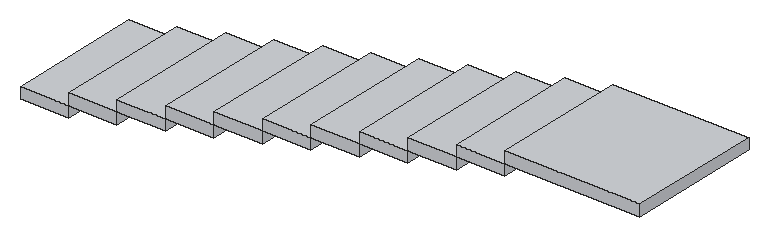
Revit family
Parameters
  profondità_pian = larghezza_scala  # 120 cm
  pedata = 63 cm - (2 * alzata)  # 43 cm
  larghezza_scala = 120 cm
  alzata = 10 cm
Reference planes (cm)
  plane 1 "Center (Front/Back)": y = 0
  plane 2: z = 0
  plane 3 "Center (Left/Right)": x = 0
  plane 4: x = -43
  plane 5: y = 120
  plane 6: z = 10
  plane 7: x = 43
  plane 8: x = 86
  plane 9: x = 129
  plane 10: x = 172
  plane 11: y = 0
  plane 12: x = 215
  plane 13: x = 258
  plane 14: x = 301
  plane 15: x = 344
  plane 16: x = 387
  plane 17: z = 20
  plane 18: z = 30
  plane 19: z = 40
  plane 20: z = 50
  plane 21: z = 60
  plane 22: z = 70
  plane 23: z = 80
  plane 24: z = 0
  plane 25: z = 10
  plane 26: z = 20
  plane 27: z = 30
  plane 28: z = 40
  plane 29: z = 90
  plane 30: z = 100
  plane 31: z = 110
Forms (cm)
  Extrusion 1, solid
    sketch origin (0, 0, 0) x (1, 0, 0) y (0, 1, 0)
      loop
        line (-43, 120) -> (-43, 0) -> (0, 0) -> (0, 120) -> (-43, 120)
    from 0 to 10
  Extrusion 2, solid
    sketch origin (0, 0, 0) x (1, 0, 0) y (0, 1, 0)
      loop
        line (43, 0) -> (43, 120) -> (0, 120) -> (0, 0) -> (43, 0)
    from 10 to 20
  Extrusion 3, solid
    sketch origin (0, 0, 0) x (1, 0, 0) y (0, 1, 0)
      loop
        line (86, 0) -> (86, 120) -> (43, 120) -> (43, 0) -> (86, 0)
    from 20 to 30
  Extrusion 4, solid
    sketch origin (0, 0, 0) x (1, 0, 0) y (0, 1, 0)
      loop
        line (129, 0) -> (129, 120) -> (86, 120) -> (86, 0) -> (129, 0)
    from 30 to 40
  Extrusion 5, solid
    sketch origin (0, 0, 0) x (1, 0, 0) y (0, 1, 0)
      loop
        line (172, 0) -> (172, 120) -> (129, 120) -> (129, 0) -> (172, 0)
    from 40 to 50
  Extrusion 6, solid
    sketch origin (0, 0, 0) x (1, 0, 0) y (0, 1, 0)
      loop
        line (215, 120) -> (172, 120) -> (172, 0) -> (215, 0) -> (215, 120)
    from 50 to 60
  Extrusion 7, solid
    sketch origin (0, 0, 0) x (1, 0, 0) y (0, 1, 0)
      loop
        line (258, 120) -> (215, 120) -> (215, 0) -> (258, 0) -> (258, 120)
    from 60 to 70
  Extrusion 8, solid
    sketch origin (0, 0, 0) x (1, 0, 0) y (0, 1, 0)
      loop
        line (301, 0) -> (301, 120) -> (258, 120) -> (258, 0) -> (301, 0)
    from 70 to 80
  Extrusion 9, solid
    sketch origin (0, 0, 0) x (1, 0, 0) y (0, 1, 0)
      loop
        line (344, 120) -> (301, 120) -> (301, 0) -> (344, 0) -> (344, 120)
    from 80 to 90
  Extrusion 10, solid
    sketch origin (0, 0, 0) x (1, 0, 0) y (0, 1, 0)
      loop
        line (387, 120) -> (344, 120) -> (344, 0) -> (387, 0) -> (387, 120)
    from 90 to 100
  Extrusion 11, solid
    sketch origin (0, 0, 0) x (1, 0, 0) y (0, 1, 0)
      loop
        line (507, 120) -> (387, 120) -> (387, 0) -> (507, 0) -> (507, 120)
    from 100 to 110
Dimensions and locks (cm)
  "pedata": plane 4 to plane 3 "Center (Left/Right)"
  "larghezza_scala": plane 5 to plane 1 "Center (Front/Back)"
  "alzata": level to plane 6
  "alzata": plane 17 to plane 6
  "alzata": plane 18 to plane 17
  "alzata": plane 19 to plane 18
  "alzata": plane 20 to plane 19
  "alzata": plane 21 to plane 20
  "alzata": plane 22 to plane 21
  "alzata": plane 23 to plane 22
  "pedata": plane 3 "Center (Left/Right)" to plane 4
  "pedata": plane 7 to plane 3 "Center (Left/Right)"
  "pedata": plane 8 to plane 7
  "pedata": plane 9 to plane 8
  "pedata": plane 10 to plane 9
  "pedata": plane 12 to plane 10
  "pedata": plane 13 to plane 12
  "pedata": plane 14 to plane 13
  "pedata": plane 15 to plane 14
  "pedata": plane 16 to plane 15
  "alzata": plane 25 to plane 24
  "alzata": plane 26 to plane 25
  "alzata": plane 27 to plane 26
  "alzata": plane 28 to plane 27
  "alzata": plane 29 to plane 23
  "alzata": plane 30 to plane 29
  "alzata": plane 31 to plane 30
  aligned and locked: plane 4 to Extrusion 1 sketch curve
  aligned and locked: Extrusion 1 sketch curve to plane 5
  aligned and locked: plane 1 "Center (Front/Back)" to Extrusion 1 sketch curve
  aligned and locked: Extrusion 1 sketch curve to plane 3 "Center (Left/Right)"
  aligned and locked: Extrusion 1 to plane 6
  aligned and locked: plane 7 to Extrusion 2 sketch curve
  aligned and locked: Extrusion 2 sketch curve to plane 1 "Center (Front/Back)"
  aligned and locked: Extrusion 2 sketch curve to Extrusion 1  (x2)
  aligned and locked: plane 17 to Extrusion 2
  aligned and locked: plane 6 to Extrusion 2
  aligned and locked: plane 8 to Extrusion 3 sketch curve
  aligned and locked: Extrusion 3 sketch curve to plane 1 "Center (Front/Back)"
  aligned and locked: Extrusion 3 sketch curve to Extrusion 2  (x2)
  aligned and locked: plane 9 to Extrusion 4 sketch curve
  aligned and locked: Extrusion 4 sketch curve to plane 1 "Center (Front/Back)"
  aligned and locked: Extrusion 4 sketch curve to Extrusion 3
  aligned and locked: plane 8 to Extrusion 4 sketch curve
  aligned and locked: plane 10 to Extrusion 5 sketch curve
  aligned and locked: Extrusion 5 sketch curve to plane 1 "Center (Front/Back)"
  aligned and locked: Extrusion 5 sketch curve to Extrusion 4  (x2)
  aligned and locked: plane 12 to Extrusion 6 sketch curve
  aligned and locked: plane 5 to Extrusion 6 sketch curve
  aligned and locked: Extrusion 5 to Extrusion 6 sketch curve
  aligned and locked: Extrusion 6 sketch curve to Extrusion 5
  aligned and locked: plane 13 to Extrusion 7 sketch curve
  aligned and locked: plane 5 to Extrusion 7 sketch curve
  aligned and locked: Extrusion 6 to Extrusion 7 sketch curve
  aligned and locked: Extrusion 7 sketch curve to Extrusion 6
  aligned and locked: plane 14 to Extrusion 8 sketch curve
  aligned and locked: plane 11 to Extrusion 8 sketch curve
  aligned and locked: Extrusion 8 sketch curve to Extrusion 7  (x2)
  aligned and locked: plane 15 to Extrusion 9 sketch curve
  aligned and locked: plane 5 to Extrusion 9 sketch curve
  aligned and locked: Extrusion 8 to Extrusion 9 sketch curve
  aligned and locked: Extrusion 9 sketch curve to Extrusion 8
  aligned and locked: plane 16 to Extrusion 10 sketch curve
  aligned and locked: plane 5 to Extrusion 10 sketch curve
  aligned and locked: Extrusion 9 to Extrusion 10 sketch curve
  aligned and locked: Extrusion 10 sketch curve to Extrusion 9
  aligned and locked: plane 5 to Extrusion 11 sketch curve
  aligned and locked: Extrusion 10 to Extrusion 11 sketch curve
  aligned and locked: Extrusion 11 sketch curve to Extrusion 10
  aligned and locked: plane 18 to Extrusion 3
  aligned and locked: plane 19 to Extrusion 4
  aligned and locked: plane 20 to Extrusion 5
  aligned and locked: plane 21 to Extrusion 6
  aligned and locked: plane 22 to Extrusion 7
  aligned and locked: plane 23 to Extrusion 8
  aligned: Extrusion 6 to plane 19
  aligned: Extrusion 5 to plane 18
  aligned: Extrusion 4 to plane 17
  aligned and locked: Extrusion 5 to plane 19
  aligned and locked: Extrusion 4 to plane 18
  aligned and locked: Extrusion 3 to plane 17
  aligned and locked: Extrusion 6 to plane 20
  aligned and locked: Extrusion 7 to plane 21
  aligned and locked: Extrusion 8 to plane 22
  aligned and locked: Extrusion 9 to plane 23
  aligned and locked: plane 29 to Extrusion 9
  aligned and locked: Extrusion 10 to plane 29
  aligned and locked: plane 30 to Extrusion 10
  aligned and locked: Extrusion 11 to plane 30
  aligned and locked: plane 31 to Extrusion 11
Automatic sketch dimensions
  Extrusion 11 sketch curve to Extrusion 11 sketch curve = 120 cm
